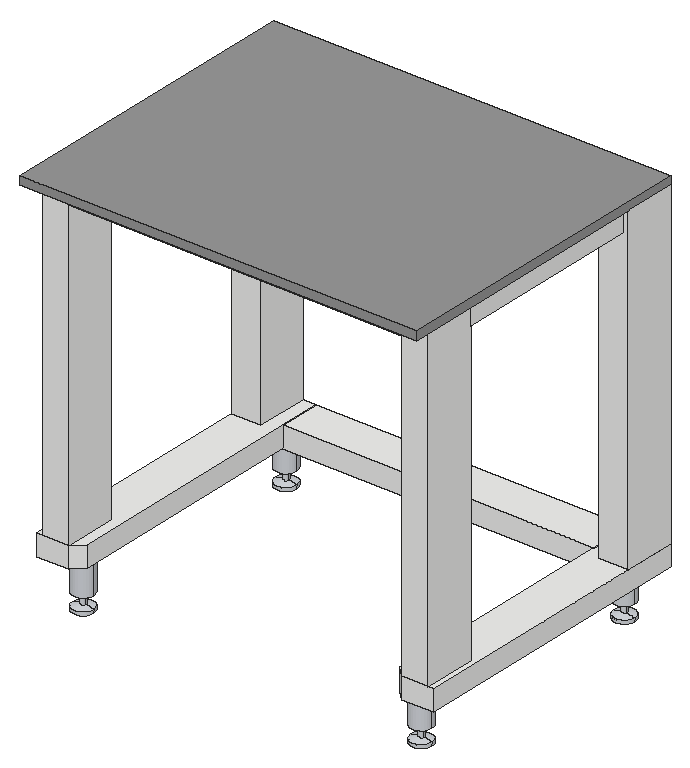
Revit family "BENCH_EQUIPMENT", category Furniture, Revit 2021
Family settings
  OmniClass Number = 23.40.20.00
  OmniClass Title = General Furniture and Specialties
  Work Plane-Based = No
  Always vertical = Yes
  Cut with Voids When Loaded = No
  Shared = No
  Room Calculation Point = No
Parameters (values of type "EQB-75607")
  WT_THICK = 16 mm
  WT_MATERIAL = Plástico, blanco opaco
  WTheight_real = WTheight_nominal - 16 mm  # 734 mm
  WTheight_nominal = 750 mm
  URL = "https://ibr-innovasystem.com/PRODUCTS/BENCHEQUIPMENT"
  UB_shelf [instance] = no
  UBS_9 [instance] = and(UB_shelf, Length = 900 mm)  # no
  UBS_75 [instance] = and(UB_shelf, Length = 750 mm)  # no
  UBS_15 [instance] = and(UB_shelf, Length = 1500 mm)  # no
  UBS_12 [instance] = and(UB_shelf, Length = 1200 mm)  # no
  Model = ""
  MARINE_EDGE = no
  Length = 750 mm
  Manufacturer = "IBR Innovasystem"
  LOW_TAG = if(WTheight_nominal < 900 mm, 1 = 1, 1 = 0)  # yes
  LEVELING_FEET [instance] = not(COMBI_CASTOR_FOOT)  # yes
  Description = "Equipment Bench (no columns) 750x600x750"
  Depth = 600 mm
  Default Elevation = 0 mm
  CUTOUT_SIDES_CHECK = and(CUTOUT_SIDES, not(CER))  # no
  CUTOUT_SIDES = no
  CUTOUT_CENTER_CHECK = and(CUTOUT_CENTER, not(CER))  # no
  CUTOUT_CENTER = no
  COMBI_CASTOR_FOOT [instance] = no
  CER = no
  BUS-9 [instance] = and(BACK_UPSTAND, Length = 900 mm)  # no
  BUS-75 [instance] = and(BACK_UPSTAND, Length = 750 mm)  # no
  BUS-15 [instance] = and(BACK_UPSTAND, Length = 1500 mm)  # no
  BUS-12 [instance] = and(BACK_UPSTAND, Length = 1200 mm)  # no
  BACK_UPSTAND [instance] = no
  ASSEMBLY_ID [instance] = ""
Types (24, lengths in mm): name | WTheight_real | WTheight_nominal | Length | LOW_TAG | Description | Depth
  EQB-15759 | 884 | 900 | 1500 | no | "Equipment Bench (no columns) 1500x750x900" | 750
  EQB-15909 | 884 | 900 | 1500 | no | "Equipment Bench (no columns) 1500x900x900" | 900
  EQB-15609 | 884 | 900 | 1500 | no | "Equipment Bench (no columns) 1500x600x900" | 600
  EQB-15757 | 734 | 750 | 1500 | yes | "Equipment Bench (no columns) 1500x750x750" | 750
  EQB-15907 | 734 | 750 | 1500 | yes | "Equipment Bench (no columns) 1500x900x750" | 900
  EQB-15607 | 734 | 750 | 1500 | yes | "Equipment Bench (no columns) 1500x600x750" | 600
  EQB-12759 | 884 | 900 | 1200 | no | "Equipment Bench (no columns) 1200x750x900" | 750
  EQB-12909 | 884 | 900 | 1200 | no | "Equipment Bench (no columns) 1200x900x900" | 900
  EQB-12609 | 884 | 900 | 1200 | no | "Equipment Bench (no columns) 1200x600x900" | 600
  EQB-12757 | 734 | 750 | 1200 | yes | "Equipment Bench (no columns) 1200x750x750" | 750
  EQB-12907 | 734 | 750 | 1200 | yes | "Equipment Bench (no columns) 1200x900x750" | 900
  EQB-12607 | 734 | 750 | 1200 | yes | "Equipment Bench (no columns) 1200x600x750" | 600
  EQB-09759 | 884 | 900 | 900 | no | "Equipment Bench (no columns) 900x750x900" | 750
  EQB-09909 | 884 | 900 | 900 | no | "Equipment Bench (no columns) 900x900x900" | 900
  EQB-09609 | 884 | 900 | 900 | no | "Equipment Bench (no columns) 900x600x900" | 600
  EQB-09757 | 734 | 750 | 900 | yes | "Equipment Bench (no columns) 900x750x750" | 750
  EQB-09907 | 734 | 750 | 900 | yes | "Equipment Bench (no columns) 900x900x750" | 900
  EQB-09607 | 734 | 750 | 900 | yes | "Equipment Bench (no columns) 900x600x750" | 600
  EQB-75759 | 884 | 900 | 750 | no | "Equipment Bench (no columns) 750x750x900" | 750
  EQB-75909 | 884 | 900 | 750 | no | "Equipment Bench (no columns) 750x900x900" | 900
  EQB-75609 | 884 | 900 | 750 | no | "Equipment Bench (no columns) 750x600x900" | 600
  EQB-75757 | 734 | 750 | 750 | yes | "Equipment Bench (no columns) 750x750x750" | 750
  EQB-75907 | 734 | 750 | 750 | yes | "Equipment Bench (no columns) 750x900x750" | 900
  EQB-75607 | 734 | 750 | 750 | yes | "Equipment Bench (no columns) 750x600x750" | 600
Reference planes
  plane 1 "Center (Front/Back)": y = 0
  plane 2: z = 0
  plane 3 "Center (Left/Right)": x = 0
  plane 4: x = 375
  plane 5: x = -375
  plane 6: y = -600
  plane 7: x = -295
  plane 8: y = -100
  plane 9: x = 295
  plane 10: y = -150
  plane 11: z = 87
  plane 12: z = 734
  plane 13: z = 750
  plane 14: y = -26
  plane 15: z = 127
  plane 16: x = -365
  plane 17: z = 704
  plane 18: z = 694
  plane 19: x = -320
  plane 20: y = -40
  plane 21: x = 320
  plane 22: y = -520
  plane 23: y = -300
  plane 24: x = -75
Forms (mm)
  Extrusion 1, solid, material "Plástico, blanco opaco" <- "WT_MATERIAL"
    sketch origin (0, 0, 0) x (1, 0, 0) y (0, 1, 0)
      loop
        line (-375, -600) -> (375, -600) -> (375, 0) -> (-375, 0) -> (-375, -600)
    from 734 to 750
  Extrusion 2, solid, material "Plastic, Opaque White"
    sketch origin (0, 0, 0) x (1, 0, 0) y (0, 1, 0)
      loop
        line (375, 0) -> (295, 0) -> (295, -540) -> (315, -560) -> (375, -560) -> (375, 0)
      loop
        line (-375, 0) -> (-375, -560) -> (-315, -560) -> (-295, -540) -> (-295, 0) -> (-375, 0)
    from 87 to 127
  Extrusion 3, solid, material "Plastic, Opaque White"
    sketch origin (0, 0, 0) x (1, 0, 0) y (0, 1, 0)
      loop
        line (-295, 0) -> (-295, -80) -> (295, -80) -> (295, 0) -> (-295, 0)
    from 87 to 127
  Extrusion 4, solid, material "Plastic, Opaque White"
    sketch origin (0, 0, 0) x (1, 0, 0) y (0, 1, 0)
      loop
        line (-365, -560) -> (-315, -560) -> (-315, -460) -> (-365, -460) -> (-365, -560)
      loop
        line (365, -560) -> (365, -460) -> (315, -460) -> (315, -560) -> (365, -560)
    from 127 to 734
  Extrusion 5, solid, material "Plastic, Opaque White"
    sketch origin (0, 0, 0) x (1, 0, 0) y (0, 1, 0)
      loop
        line (-365, -100) -> (-365, -460) -> (-315, -460) -> (-315, -100) -> (-365, -100)
      loop
        line (365, -100) -> (315, -100) -> (315, -460) -> (365, -460) -> (365, -100)
    from 694 to 734
  Extrusion 6, solid, material "Plastic, Opaque White"
    sketch origin (0, 0, 0) x (1, 0, 0) y (0, 1, 0)
      loop
        line (-315, -560) -> (315, -560) -> (315, -520) -> (-315, -520) -> (-315, -560)
    from 704 to 734
  Extrusion 7, solid, material "Plastic, Opaque White"
    sketch origin (0, 0, 0) x (1, 0, 0) y (0, 1, 0)
      loop
        line (-295, 0) -> (-295, -60) -> (295, -60) -> (295, 0) -> (-295, 0)
    from 694 to 734
  Extrusion 8, solid, material "Plastic, Opaque White"
    sketch origin (0, 0, 0) x (1, 0, 0) y (0, 1, 0)
      loop
        line (-320, 0) -> (-375, 0) -> (-375, -100) -> (-320, -100) -> (-320, 0)
      loop
        line (320, 0) -> (320, -100) -> (375, -100) -> (375, 0) -> (320, 0)
    from 127 to 734
Lines and regions (mm)
  symbolic lines, not visible
    curve 1: line (-295, 0, 0) -> (-295, -250, 0)
    curve 2: line (-295, -250, 0) -> (295, -250, 0)
    curve 3: line (295, -250, 0) -> (295, 0, 0)
    curve 4: line (295, 0, 0) -> (-295, 0, 0)
  symbolic lines, style "FurnitureHiddenLines"
    curve 5: line (-295, -80, 0) -> (295, -80, 0)
  symbolic lines, style "Furniture"
    curve 6: line (-375, 0, 0) -> (-375, -600, 0)
    curve 7: line (375, 0, 0) -> (-375, 0, 0)
    curve 8: line (375, -600, 0) -> (375, 0, 0)
    curve 9: line (-375, -600, 0) -> (375, -600, 0)
Dimensions and locks
  equal spacing: plane 5, plane 3 "Center (Left/Right)", plane 4
  locked: plane 4 to plane 9 at 80
  plane 11 to level = 87 mm
  "WTheight_real": plane 12 to level
  "WT_THICK": plane 13 to plane 12
  plane 1 "Center (Front/Back)" to plane 14 to plane 10 = 26 mm, 124 mm
  locked: Extrusion 2 sketch curve to Extrusion 2 sketch curve at 80  (x2)
  locked: Extrusion 2 sketch curve to Extrusion 2 sketch curve at 20  (x2)
  plane 11 to plane 15 to plane 12 = 40 mm, 607 mm
  "Depth": plane 1 "Center (Front/Back)" to plane 6
  locked: plane 1 "Center (Front/Back)" to plane 8 at 100
  locked: plane 5 to plane 7 at 80
  "Length": plane 5 to plane 4
  locked: Extrusion 2 sketch curve to plane 6 at 40
  equal spacing: curve 4, Extrusion 3 sketch curve, curve 2
  locked: plane 5 to plane 16 at 10
  locked: Extrusion 4 sketch curve to Extrusion 4 sketch curve at 100  (x2)
  locked: Extrusion 4 sketch curve to Extrusion 4 sketch curve at 50  (x2)
  locked: plane 12 to plane 17 at 30
  locked: plane 12 to plane 18 at 40
  locked: Extrusion 6 sketch curve to Extrusion 6 sketch curve at 40
  locked: plane 5 to plane 19 at 55
  locked: plane 1 "Center (Front/Back)" to plane 20 at 40
  locked: plane 21 to plane 4 at 55
  plane 22 to plane 6 = 80 mm
  locked: plane 5 to plane 24 at 300
  locked: plane 23 to plane 6 at 300
  aligned and locked: level to plane 2
  aligned and locked: plane 13 to Extrusion 1
  aligned and locked: Extrusion 1 to plane 12
  aligned and locked: Extrusion 2 to plane 11
  aligned and locked: plane 11 to Extrusion 2
  aligned and locked: plane 15 to Extrusion 2
  aligned and locked: plane 7 to Extrusion 3 sketch curve
  aligned and locked: Extrusion 3 sketch curve to plane 9
  aligned and locked: plane 1 "Center (Front/Back)" to Extrusion 3 sketch curve
  aligned and locked: Extrusion 3 to plane 11
  aligned and locked: plane 15 to Extrusion 3
  aligned and locked: Extrusion 2 to Extrusion 4 sketch curve
  aligned and locked: Extrusion 4 sketch curve to plane 16
  aligned and locked: Extrusion 4 to plane 15
  aligned and locked: plane 12 to Extrusion 4
  aligned and locked: plane 8 to Extrusion 5 sketch curve
  aligned and locked: Extrusion 5 sketch curve to Extrusion 4  (x2)
  aligned and locked: plane 16 to Extrusion 5 sketch curve
  aligned and locked: plane 12 to Extrusion 5
  aligned and locked: plane 18 to Extrusion 5
  aligned and locked: Extrusion 2 to Extrusion 6 sketch curve
  aligned and locked: Extrusion 6 sketch curve to Extrusion 4  (x2)
  aligned and locked: plane 12 to Extrusion 6
  aligned and locked: plane 17 to Extrusion 6
  aligned and locked: plane 7 to Extrusion 7 sketch curve
  aligned and locked: Extrusion 7 sketch curve to plane 9
  aligned and locked: plane 1 "Center (Front/Back)" to Extrusion 7 sketch curve
  aligned and locked: plane 12 to Extrusion 7
  aligned and locked: plane 18 to Extrusion 7
  aligned and locked: Extrusion 8 sketch curve to plane 5
  aligned and locked: plane 8 to Extrusion 8 sketch curve
  aligned and locked: Extrusion 8 sketch curve to plane 1 "Center (Front/Back)"
  aligned and locked: Extrusion 8 to plane 15
  aligned and locked: plane 19 to nested 2
  aligned and locked: plane 19 to nested 3
  aligned and locked: nested 3 to plane 20
  aligned and locked: nested 4 to plane 21
  aligned and locked: plane 20 to nested 5
  aligned and locked: nested 5 to plane 21
  aligned and locked: plane 12 to Extrusion 8
  aligned and locked: nested 2 to plane 22
  aligned and locked: plane 22 to nested 4
  aligned and locked: plane 9 to curve 5
  aligned and locked: plane 7 to curve 5
  aligned and locked: plane 3 "Center (Left/Right)" to nested 6
  aligned and locked: plane 3 "Center (Left/Right)" to nested 7
  aligned and locked: plane 3 "Center (Left/Right)" to nested 8
  aligned and locked: plane 19 to Extrusion 8 sketch curve
  aligned and locked: Extrusion 8 sketch curve to plane 21
  aligned and locked: plane 1 "Center (Front/Back)" to nested 11
  aligned and locked: plane 1 "Center (Front/Back)" to nested 10
  aligned and locked: plane 1 "Center (Front/Back)" to nested 9
  aligned and locked: plane 3 "Center (Left/Right)" to nested 11
  aligned and locked: plane 3 "Center (Left/Right)" to nested 10
  aligned and locked: plane 3 "Center (Left/Right)" to nested 9
  aligned and locked: plane 1 "Center (Front/Back)" to nested 8
  aligned and locked: plane 1 "Center (Front/Back)" to nested 6
  aligned and locked: plane 1 "Center (Front/Back)" to nested 7
  aligned and locked: plane 20 to nested 12
  aligned and locked: plane 3 "Center (Left/Right)" to nested 12
  aligned and locked: plane 1 "Center (Front/Back)" to nested 13
  aligned and locked: plane 3 "Center (Left/Right)" to nested 13
  aligned and locked: plane 12 to nested 13
  aligned and locked: plane 19 to nested 15
  aligned and locked: nested 15 to plane 20
  aligned and locked: nested 14 to plane 20
  aligned and locked: nested 14 to plane 21
  aligned and locked: nested 17 to plane 22
  aligned and locked: nested 17 to plane 21
  aligned and locked: plane 19 to nested 16
  aligned and locked: nested 16 to plane 22
  aligned and locked: plane 12 to nested 11
  aligned and locked: plane 12 to nested 10
  aligned and locked: plane 12 to nested 9
  aligned and locked: nested 18 to plane 23
  aligned and locked: nested 18 to plane 24
Automatic sketch dimensions
  Extrusion 1 sketch curve to plane 5 = 0 mm
  Extrusion 1 sketch curve to plane 4 = 0 mm
  Extrusion 1 sketch curve to plane 6 = 0 mm
  Extrusion 2 sketch curve to plane 5 = 0 mm
  plane 1 "Center (Front/Back)" to Extrusion 2 sketch curve = 0 mm  (x2)
  Extrusion 2 sketch curve to plane 9 = 0 mm
  Extrusion 2 sketch curve to plane 7 = 20 mm
  plane 9 to Extrusion 2 sketch curve = 20 mm
  plane 6 to Extrusion 2 sketch curve = 60 mm
  plane 9 to Extrusion 4 sketch curve = 20 mm
  plane 6 to Extrusion 4 sketch curve = 40 mm
  plane 8 to Extrusion 5 sketch curve = 0 mm
  plane 9 to Extrusion 5 sketch curve = 20 mm
  Extrusion 5 sketch curve to plane 4 = 10 mm
  plane 6 to Extrusion 5 sketch curve = 140 mm
  plane 1 "Center (Front/Back)" to Extrusion 8 sketch curve = 0 mm
  Extrusion 8 sketch curve to plane 4 = 0 mm
  plane 8 to Extrusion 8 sketch curve = 0 mm
  Extrusion 7 sketch curve to plane 20 = 20 mm
  plane 1 "Center (Front/Back)" to Extrusion 1 sketch curve = 0 mm
  plane 1 "Center (Front/Back)" to curve 4 = 0 mm
  curve 3 to plane 8 = 150 mm
  curve 5 to plane 20 = 40 mm
  curve 6 to plane 5 = 0 mm
  curve 7 to plane 4 = 0 mm
  curve 6 to plane 6 = 0 mm
  plane 1 "Center (Front/Back)" to curve 8 = 0 mm
Nested families
  nested 1: "EL_230V" at (-560.248, -100, 0), type "EL_230V"
  nested 2: "foot_master" at (-320, -520, 0), visible <- "COMBI_CASTOR_FOOT", ASSEMBLY_ID <- "ASSEMBLY_ID", type "COMBI_CASTOR_FOOT"
  nested 3: "foot_master" at (-320, -40, 0), visible <- "COMBI_CASTOR_FOOT", ASSEMBLY_ID <- "ASSEMBLY_ID", type "COMBI_CASTOR_FOOT"
  nested 4: "foot_master" at (320, -520, 0) x (-1, 0, 0) z (0, 0, 1), visible <- "COMBI_CASTOR_FOOT", ASSEMBLY_ID <- "ASSEMBLY_ID", type "COMBI_CASTOR_FOOT"
  nested 5: "foot_master" at (320, -40, 0) x (-1, 0, 0) z (0, 0, 1), visible <- "COMBI_CASTOR_FOOT", ASSEMBLY_ID <- "ASSEMBLY_ID", type "COMBI_CASTOR_FOOT"
  nested 6: "UNDERBENCH_SHELF" at (0, 0, 0), visible <- "UBS_9", ASSEMBLY_ID <- "ASSEMBLY_ID", type "SH-UBR-0975-02"
  nested 7: "UNDERBENCH_SHELF" at (0, 0, 0), visible <- "UBS_75", ASSEMBLY_ID <- "ASSEMBLY_ID", type "SH-UBR-7575-02"
  nested 8: "UNDERBENCH_SHELF" at (0, 0, 0), visible <- "UBS_15", ASSEMBLY_ID <- "ASSEMBLY_ID", type "SH-UBR-1575-02"
  nested 9: "UPSTAND" at (0, 6, -150), visible <- "BUS-75", ASSEMBLY_ID <- "ASSEMBLY_ID", type "AC-HS-04"
  nested 10: "UPSTAND" at (0, 6, -150), visible <- "BUS-9", ASSEMBLY_ID <- "ASSEMBLY_ID", type "AC-HS-03"
  nested 11: "UPSTAND" at (0, 6, -150), visible <- "BUS-15", ASSEMBLY_ID <- "ASSEMBLY_ID", type "AC-HS-01"
  nested 12: "UNDERBENCH_SHELF" at (0, 0, 0), visible <- "UBS_12", type "SH-UBR-1275-02"
    with ASSEMBLY_ID ""
  nested 13: "UPSTAND" at (0, 6, -150), visible <- "BUS-12", type "AC-HS-02"
    with WT_HEIGHT 900 mm, ASSEMBLY_ID ""
  nested 14: "pata_WS" at (320, -40, 0), visible <- "LEVELING_FEET", type "pata_WS"
  nested 15: "pata_WS" at (-320, -40, 0), visible <- "LEVELING_FEET", type "pata_WS"
  nested 16: "pata_WS" at (-320, -520, 0), visible <- "LEVELING_FEET", type "pata_WS"
  nested 17: "pata_WS" at (320, -520, 0), visible <- "LEVELING_FEET", type "pata_WS"
  nested 18: "CHAIR_TAG" at (-75, -300, 0), visible <- "LOW_TAG", type "CHAIR_TAG"
Definition of nested family "foot_master"
  Parameters (values of type "COMBI_CASTOR_FOOT")
    Description = "Heavy Duty Combi Castor-Foot"
    Default Elevation = 0 mm
    ASSEMBLY_ID [instance] = ""
  Reference planes
    plane 1 "Center (Front/Back)": y = 0
    plane 2: z = 0
    plane 3 "Center (Left/Right)": x = 0
  Forms (mm)
    Revolve 1, solid
      sketch origin (0, 0, 0) x (1, 0, 0) y (0, 0, 1)
        loop
          line (0, 0) -> (22.469, 0) -> (24.846, 13.481) -> (35, 13.481) -> (35, 38.481) -> (25, 38.481) -> (25, 63.481) -> (35, 63.481) -> (35, 77) -> (25, 77) -> (25, 85) -> (0, 85) -> (0, 0)
        axis (0, 85) -> (0, 0)
      angle from 0 to 360
    Extrusion 2, solid
      sketch origin (0, 0, 0) x (0, 1, 0) y (0, 0, 1)
        loop
          line (-25, 77) -> (-41.213, 77) -> (-60, 38.481) -> (-60, 13.481) -> (-25, 13.481) -> (-25, 77)
      from -20.037 to 20
    Extrusion 3, solid
      sketch origin (0, 0, 0) x (0, 1, 0) y (0, 0, 1)
        loop
          circle (-51.125, 22.852) r 20
      from -15 to 15
  Dimensions and locks
    Revolve 1 sketch curve to level = 85 mm
    Revolve 1 sketch curve to plane 3 "Center (Left/Right)" = 35 mm
    aligned and locked: level to plane 2
    aligned and locked: Revolve 1 sketch curve to plane 3 "Center (Left/Right)"
    aligned and locked: Extrusion 2 sketch curve to Revolve 1
Definition of nested family "UNDERBENCH_SHELF"
  Parameters (values of type "SH-UBR-1275-02")
    width = 1200 mm
    tubewidth = 60 mm
    depth = 750 mm
    backcutY = 105 mm
    backcutX = 65 mm
    URL = "https://ibr-innovasystem.com/PRODUCTS/ACCESORYUNDERBENCHSHELF"
    Model = ""  # constant formula
    Manufacturer = "IBR Innovasystem"  # constant formula
    Description = "Underbench Shelf, 1200x750 For WSBarcelona and Equipment Benches"
    Default Elevation = 0 mm
    ASSEMBLY_ID [instance] = ""
  Types (8, lengths in mm): name | width | tubewidth | backcutY | backcutX | Description
    SH-UBR-0975-02 | 900 | 60 | 105 | 65 | "Underbench Shelf, 900x750 For WSBarcelona and Equipment Benches"
    SH-UBR-1575-02 | 1500 | 60 | 105 | 65 | "Underbench Shelf, 1500x750 For WSBarcelona and Equipment Benches"
    SH-UBR-0975-01 | 900 | 60 | 165 | 85 | "Underbench Shelf, 900x750 For WSCambridge Benches"
    SH-UBR-1575-01 | 1500 | 40 | 165 | 85 | "Underbench Shelf, 1500x750 For WSCambridge Benches"
    SH-UBR-7575-01 | 750 | 60 | 165 | 85 | "Underbench Shelf, 750x750 For WSCambridge Benches"
    SH-UBR-7575-02 | 750 | 60 | 105 | 65 | "Underbench Shelf, 750x750 For WSBarcelona and Equipment Benches"
    SH-UBR-1275-01 | 1200 | 60 | 165 | 85 | "Underbench Shelf, 1200x750 For WSCambridge Benches"
    SH-UBR-1275-02 | 1200 | 60 | 105 | 65 | "Underbench Shelf, 1200x750 For WSBarcelona and Equipment Benches"
  Reference planes
    plane 1 "Center (Front/Back)": y = 0
    plane 2: z = 0
    plane 3 "Center (Left/Right)": x = 0
    plane 4: y = -750
    plane 5: x = -600
    plane 6: x = 600
    plane 7: x = -535
    plane 8: x = 535
    plane 9: y = -605
    plane 10: y = -105
    plane 11: z = 97
    plane 12: z = 127
    plane 13: z = 143
    plane 14: y = -520.264
    plane 15: y = -472.151
  Forms (mm)
    Extrusion 1, solid
      sketch origin (0, 0, 0) x (1, 0, 0) y (0, 1, 0)
        loop
          line (-600, -605) -> (600, -605) -> (600, -105) -> (535, -105) -> (535, 0) -> (-535, 0) -> (-535, -105) -> (-600, -105) -> (-600, -605)
      from 127 to 143
    Extrusion 2, solid
      sketch origin (0, 0, 0) x (1, 0, 0) y (0, 1, 0)
        loop
          line (-535, -472.151) -> (-535, -520.264) -> (535, -520.264) -> (535, -472.151) -> (-535, -472.151)
      from 97 to 127
  Lines and regions (mm)
    symbolic lines
      curve 1: line (-560, -565, 0) -> (560, -565, 0)
      curve 2: line (560, -565, 0) -> (560, -145, 0)
      curve 3: line (560, -145, 0) -> (495, -145, 0)
      curve 4: line (495, -145, 0) -> (495, -40, 0)
      curve 5: line (495, -40, 0) -> (-495, -40, 0)
      curve 6: line (-495, -40, 0) -> (-495, -145, 0)
      curve 7: line (-495, -145, 0) -> (-560, -145, 0)
      curve 8: line (-560, -145, 0) -> (-560, -565, 0)
  Dimensions and locks
    equal spacing: plane 5, plane 3 "Center (Left/Right)", plane 6
    "width": plane 5 to plane 6
    "depth": plane 4 to plane 1 "Center (Front/Back)"
    "backcutY": plane 10 to plane 1 "Center (Front/Back)"
    locked: plane 9 to plane 4 at 145
    "backcutX": plane 5 to plane 7
    "backcutX": plane 8 to plane 6
    locked: plane 11 to plane 2 at 97
    locked: plane 12 to plane 11 at 30
    locked: plane 13 to plane 12 at 16
    aligned and locked: level to plane 2
    aligned and locked: plane 13 to Extrusion 1
    aligned and locked: Extrusion 1 to plane 12
    aligned and locked: plane 9 to Extrusion 1 sketch curve
    aligned and locked: Extrusion 2 to plane 11
    aligned and locked: plane 12 to Extrusion 2
  Automatic sketch dimensions
    Extrusion 1 sketch curve to plane 7 = 0 mm
    Extrusion 1 sketch curve to plane 8 = 0 mm
    Extrusion 1 sketch curve to plane 6 = 0 mm
    Extrusion 1 sketch curve to plane 10 = 0 mm  (x2)
    plane 1 "Center (Front/Back)" to Extrusion 1 sketch curve = 0 mm
    plane 5 to curve 8 = 40 mm
    plane 7 to curve 6 = 40 mm
    curve 4 to plane 8 = 40 mm
    curve 3 to plane 6 = 40 mm
    curve 3 to plane 10 = 40 mm
    curve 7 to plane 10 = 40 mm
    plane 1 "Center (Front/Back)" to curve 4 = 40 mm
    plane 9 to curve 8 = 40 mm
    Extrusion 1 sketch curve to plane 5 = 0 mm
    Extrusion 2 sketch curve to plane 7 = 0 mm
    Extrusion 2 sketch curve to plane 8 = 0 mm
    Extrusion 2 sketch curve to plane 14 = 0 mm
    Extrusion 2 sketch curve to plane 15 = 0 mm
Definition of nested family "UPSTAND"
  Parameters (values of type "AC-HS-04")
    WT_HEIGHT [instance] = 900 mm
    WIDTH = 750 mm
    URL = "https://ibr-innovasystem.com/PRODUCTS/ACCESORYUPSTAND"
    Model = ""
    Manufacturer = "IBR Innovasystem"  # constant formula
    Description = "Edge-Upstand backside, HPL 50mm, for EquipmentBench 750"
    Default Elevation = 0 mm
    ASSEMBLY_ID [instance] = ""
  Types (4, lengths in mm): name | WIDTH | Description
    AC-HS-01 | 1500 | "Edge-Upstand backside, HPL 50mm, for EquipmentBench 1500"
    AC-HS-03 | 900 | "Edge-Upstand backside, HPL 50mm, for EquipmentBench 900"
    AC-HS-04 | 750 | "Edge-Upstand backside, HPL 50mm, for EquipmentBench 750"
    AC-HS-02 | 1200 | "Edge-Upstand backside, HPL 50mm, for EquipmentBench 1200"
  Reference planes
    plane 1 "Center (Front/Back)": y = 0
    plane 2: z = 0
    plane 3 "Center (Left/Right)": x = 0
    plane 4: z = 900
    plane 5: z = 950
    plane 6: x = -375
    plane 7: x = 375
    plane 8: z = 884
    plane 9: x = -355
    plane 10: x = 355
    plane 11: y = -35
  Forms (mm)
    Extrusion 1, solid
      sketch origin (0, 0, 0) x (1, 0, 0) y (0, 0, 1)
        loop
          line (-375, 884) -> (375, 884) -> (375, 930) -> (355, 950) -> (-355, 950) -> (-375, 930) -> (-375, 884)
      from 0 to 6
  Lines and regions (mm)
    symbolic lines
      curve 1: line (-355, -80, 0) -> (-355, -35, 0)
      curve 2: line (-355, -35, 0) -> (-290, -35, 0)
  Dimensions and locks
    equal spacing: plane 7, plane 3 "Center (Left/Right)", plane 6
    "WIDTH": plane 7 to plane 6
    "WT_HEIGHT": plane 4 to level
    locked: plane 5 to plane 8 at 66
    locked: plane 4 to plane 8 at 16
    locked: plane 9 to plane 6 at 20
    locked: plane 7 to plane 10 at 20
    locked: plane 11 to plane 1 "Center (Front/Back)" at 35
    locked: Extrusion 1 sketch curve to Extrusion 1 sketch curve (angle 135.00°)  (x2)
    aligned and locked: level to plane 2
  Automatic sketch dimensions
    Extrusion 1 sketch curve to plane 6 = 0 mm
    Extrusion 1 sketch curve to plane 5 = 0 mm
    Extrusion 1 sketch curve to plane 9 = 0 mm
    plane 10 to Extrusion 1 sketch curve = 0 mm
    Extrusion 1 sketch curve to plane 7 = 0 mm
    Extrusion 1 sketch curve to plane 8 = 0 mm
    curve 2 to plane 9 = 0 mm
    curve 2 to plane 11 = 0 mm
    curve 1 to curve 2 = 65 mm
    curve 1 to curve 1 = 45 mm
Definition of nested family "pata_WS"
  Parameters (values of type "pata_WS")
    Default Elevation = 0 mm
  Reference planes
    plane 1 "Center (Front/Back)": y = 0
    plane 2: z = 0
    plane 3 "Center (Left/Right)": x = 0
  Forms (mm)
    Revolve 1, solid
      sketch origin (0, 0, 0) x (1, 0, 0) y (0, 0, 1)
        loop
          line (0, 86.875) -> (0, 0) -> (20, 0) -> (20, 5.981) -> (5, 10) -> (5, 30) -> (20, 30) -> (20, 86.875) -> (0, 86.875)
        axis (0, 86.875) -> (0, 0)
      angle from 0 to 360
  Dimensions and locks
    Revolve 1 sketch curve to level = 86.875 mm
    aligned and locked: level to plane 2
Definition of nested family "EL_230V"
  Parameters (values of type "EL_230V")
    Default Elevation = 0 mm
  Reference planes
    plane 1 "Center (Front/Back)": y = 0
    plane 2: z = 0
    plane 3 "Center (Left/Right)": x = 0
  Dimensions and locks
    aligned and locked: level to plane 2
  Connectors
    electrical at (0, 0, 0)
      settings: index 1, voltage 230 V, apparent load 0 VA, apparent load phase1 0 VA, apparent load phase2 0 VA, apparent load phase3 0 VA, power factor 1, load classification none, number of poles 1, system type 31, power factor state 1, is connector primary yes, connector utility no, sub classification motor no, connector description ""
Definition of nested family "CHAIR_TAG"
  Parameters (values of type "CHAIR_TAG")
    GAS TEXT = "LOW"
  Types (2, lengths in mm): name | GAS TEXT
    CHAIR_TAG | "LOW"
    HA | "HA"
  Reference planes
    plane 1: y = 0
    plane 2: x = 0
  Text (mm)
    label "Xx" at (0.338, 0.689, 0), shows "GAS TEXT"
